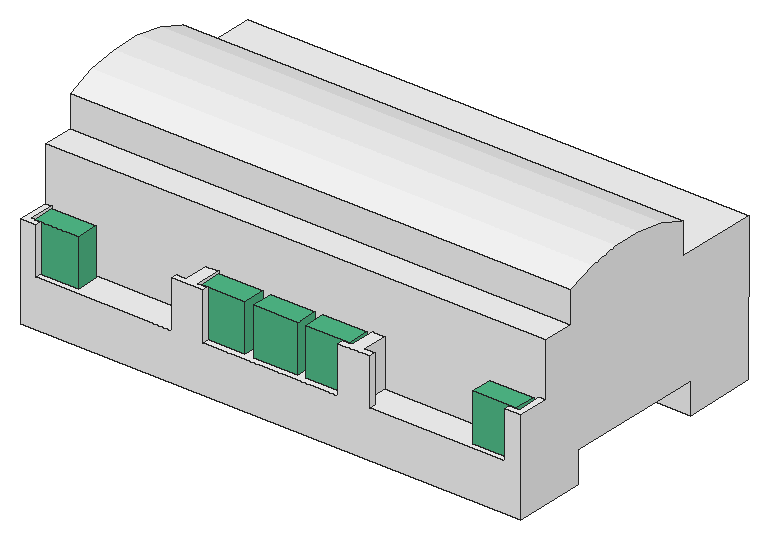
Revit family "Zumtobel LITECOM CCD DALI-2", category Lighting Fixtures, host Face, Revit 2016
Family settings
  Host = Face
  Part Type = Normal
  Round Connector Dimension = Use Diameter
  OmniClass Number = 23.80.70.11
  OmniClass Title = Luminaries for Internal Lighting
  Cut with Voids When Loaded = Yes
  Light Source = No
  Shared = No
  Room Calculation Point = No
Parameters (values of type "LITECOM CCD DALI-2")
  Width = 91 mm  # constant formula
  URL = "www.zumtobel.com/22171127"
  Type Comments = "© Zumtobel. We reserve the right to make technical changes without prior notice."  # constant formula
  Model = "22171127"
  Manufacturer = "Zumtobel Lighting"  # constant formula
  Length = 160 mm  # constant formula
  Lamp = ""
  Height = 62 mm  # constant formula
  Description = "Central DALI-2 certified automation controller"  # constant formula
  Default Elevation = 0 mm
  Body [instance] = ZG_Plastics White
  Assembly Code = "D5020200"
  Apparent Load = 0 VA  # constant formula
Reference planes
  plane 1 "Center (Front/Back)": y = -48.5
  plane 2 "Top": z = 0
  plane 3 "Center (Left/Right)": x = -0.5
  plane 4: z = 62
  plane 5: x = -80.5
  plane 6: x = 79.5
  plane 7: y = -3
  plane 8: y = -94
Forms (mm)
  Extrusion 1, solid, material "ZG_Plastics White" <- "Body"
    sketch origin (-0.5, 0, 0) x (0, 1, 0) y (0, 0, 1)
      loop
        line (-3, 0) -> (-3, 47) -> (-29, 47) -> (-29, 57)
        arc (-29, 57) -> (-51.5, 62.086) -> (-74, 57) r 52.311
        line (-74, 57) -> (-74, 47) -> (-84, 47) -> (-84, 15) -> (-94, 15) -> (-94, 0) -> (-71, 0) -> (-71, 10) -> (-26, 10) -> (-26, 0) -> (-3, 0)
    from 80 to -80
  Extrusion 2, solid, material "ZG_Plastics White" <- "Body"
    sketch origin (0, 0, 0) x (1, 0, 0) y (0, 1, 0)
      loop
        line (-80.5, -84) -> (-80.5, -94) -> (-75.5, -94) -> (-75.5, -92.004) -> (-78.516, -92.004) -> (-78.516, -84) -> (-80.5, -84)
      loop
        line (79.5, -84) -> (77.516, -84) -> (77.516, -92.004) -> (74.5, -92.004) -> (74.5, -94) -> (79.5, -94) -> (79.5, -84)
      loop
        line (26.167, -84) -> (26.167, -94) -> (31.167, -94) -> (31.167, -92.004) -> (28.151, -92.004) -> (28.151, -84) -> (26.167, -84)
      loop
        line (-27.167, -84) -> (-29.151, -84) -> (-29.151, -92.004) -> (-32.167, -92.004) -> (-32.167, -94) -> (-27.167, -94) -> (-27.167, -84)
    from 30 to 15
  Extrusion 3, solid, material "ZG_Plastics White" <- "Body"
    sketch origin (53.333, 0, 0) x (1, 0, 0) y (0, 1, 0)
      loop
        line (-80.5, -84) -> (-80.5, -94) -> (-75.5, -94) -> (-75.5, -92.004) -> (-78.516, -92.004) -> (-78.516, -84) -> (-80.5, -84)
      loop
        line (-27.167, -84) -> (-29.151, -84) -> (-29.151, -92.004) -> (-32.167, -92.004) -> (-32.167, -94) -> (-27.167, -94) -> (-27.167, -84)
    from 30 to 15
  Extrusion 4, solid, material "ZG_Color_Green"
    sketch origin (0, 0, 0) x (1, 0, 0) y (0, 1, 0)
      loop
        line (-77.5, -85.004) -> (-77.5, -92.004) -> (-63.516, -92.004) -> (-63.516, -85.004) -> (-77.5, -85.004)
    from 30 to 15
  Extrusion 5, solid, material "ZG_Color_Green"
    sketch origin (-1, 0, 0) x (-1, 0, 0) y (0, -1, 0)
      loop
        line (-77.5, 85.004) -> (-63.516, 85.004) -> (-63.516, 92.004) -> (-77.5, 92.004) -> (-77.5, 85.004)
    from 30 to 15
  Extrusion 6, solid, material "ZG_Color_Green"
    sketch origin (53.333, 0, 0) x (1, 0, 0) y (0, 1, 0)
      loop
        line (-77.5, -85.004) -> (-77.5, -92.004) -> (-63.516, -92.004) -> (-63.516, -85.004) -> (-77.5, -85.004)
    from 30 to 15
  Extrusion 7, solid, material "ZG_Color_Green"
    sketch origin (70.008, 0, 0) x (1, 0, 0) y (0, 1, 0)
      loop
        line (-77.5, -85.004) -> (-77.5, -92.004) -> (-63.516, -92.004) -> (-63.516, -85.004) -> (-77.5, -85.004)
    from 30 to 15
  Extrusion 8, solid, material "ZG_Color_Green"
    sketch origin (-54.333, 0, 0) x (-1, 0, 0) y (0, -1, 0)
      loop
        line (-77.5, 85.004) -> (-63.516, 85.004) -> (-63.516, 92.004) -> (-77.5, 92.004) -> (-77.5, 85.004)
    from 30 to 15
Cuts and joins
  joined: Extrusion 1, Extrusion 2, Extrusion 3
Dimensions and locks
  aligned and locked: plane 2 "Top" to host face
  aligned and locked: level to host face
